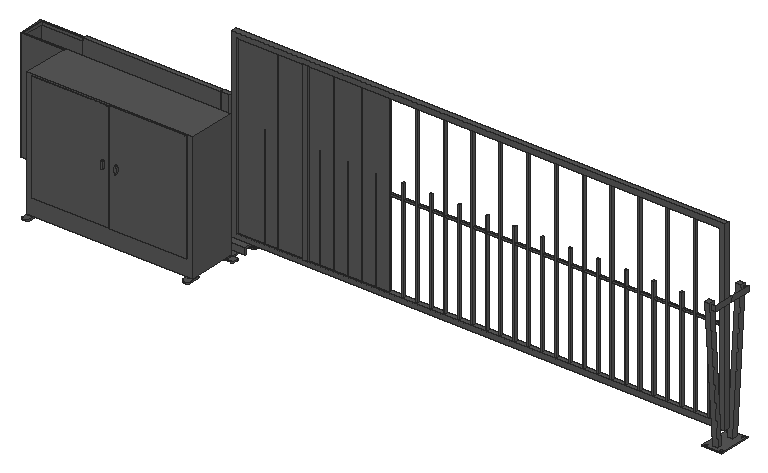
Revit family "11Construction_Fences-&-Traffic-Security_AutoGate_Islander-Pivot-Gates", category Specialty Equipment, Revit 2023 (continued)
Definition of nested family "Yoke"
  Dimensions and locks (in)
    locked: plane 38 to cut or joined group of Extrusion 18, Extrusion 20, Extrusion 21 at 8
    Extrusion 21 sketch curve to Extrusion 21 sketch curve to plane 1 "Center (Front/Back)" to Extrusion 21 sketch curve to Extrusion 21 sketch curve = 0.000" locked, 5.500" locked, 5.500" locked, 0.000" locked
    plane 38 to Extrusion 21 sketch curve to Extrusion 21 sketch curve to Extrusion 21 sketch curve to Extrusion 21 sketch curve = 1.000" locked, 0.000" locked, 6.000" locked, 0.000" locked
    locked: plane 39 to plane 40 at 0.25
    "Void E_F_G": plane 39 to plane 2
    locked: plane 16 to plane 1 "Center (Front/Back)" at 5.25
    "Top Br Offset B_F": plane 1 "Center (Front/Back)" to plane 17
    plane 1 "Center (Front/Back)" to Extrusion 22 sketch curve to Extrusion 22 sketch curve = 4.00044" locked, 2.000" locked
    plane 1 "Center (Front/Back)" to Extrusion 23 sketch curve to Extrusion 23 sketch curve = 4.00044" locked, 2.000" locked
    "Void Bottom G": plane 3 "Center (Left/Right)" to plane 42
    locked: plane 42 to plane 43 at 2
    Extrusion 27 sketch curve to plane 1 "Center (Front/Back)" to Extrusion 27 sketch curve = 5.250" locked, 5.250" locked
    Extrusion 28 sketch curve to plane 1 "Center (Front/Back)" to Extrusion 28 sketch curve = 1.000" locked, 1.000" locked
    Extrusion 29 sketch curve to plane 1 "Center (Front/Back)" to Extrusion 29 sketch curve = 3.99956" locked, 4.00044" locked
    Extrusion 29 sketch curve to Extrusion 29 sketch curve to plane 44 = 0.750" locked, 6.51988" locked
    locked: Extrusion 29 to plane 43 at 0.75
    locked: plane 41 to plane 2 at 0.5
    locked: plane 2 to plane 44 at 36
    Extrusion 32 sketch curve to Extrusion 32 sketch curve to plane 1 "Center (Front/Back)" to Extrusion 32 sketch curve to Extrusion 32 sketch curve = 0.200" locked, 3.050" locked, 3.050" locked, 0.200" locked
    plane 3 "Center (Left/Right)" to Extrusion 32 sketch curve to Extrusion 32 sketch curve = 1.600" locked, 0.000" locked
    locked: plane 3 "Center (Left/Right)" to Extrusion 32 sketch curve at 0.2
    locked: plane 45 to plane 2 at 5
    equal spacing: plane 47, plane 46, plane 45
    "Fence Height": plane 47 to plane 2
    plane 46 to plane 48 to plane 49 = 8.80494" locked, 2.400" locked
    plane 51 to plane 50 to plane 46 = 2.400" locked, 8.80494" locked
    plane 38 to Extrusion 33 sketch curve to Extrusion 33 sketch curve to Extrusion 33 sketch curve = 0.200" locked, 1.400" locked, 0.000" locked
    Extrusion 33 sketch curve to Extrusion 33 sketch curve to plane 1 "Center (Front/Back)" to Extrusion 33 sketch curve to Extrusion 33 sketch curve = 0.200" locked, 3.050" locked, 3.050" locked, 0.200" locked
    plane 52 to plane 46 to plane 53 = 18.000" locked, 18.000" locked
    Sweep 34 sketch curve to plane 46 to Sweep 34 sketch curve = 12.000" locked, 12.000" locked
    plane 1 "Center (Front/Back)" to Sweep 34 sketch curve to Sweep 34 sketch curve to Sweep 34 sketch curve = 3.050" locked, 1.47916" locked, 0.000" locked
    plane 1 "Center (Front/Back)" to Sweep 34 sketch curve to Sweep 34 sketch curve to Sweep 34 sketch curve to Sweep 34 sketch curve = 3.050" locked, 0.100" locked, 0.775" locked, 0.000" locked
    Sweep 35 sketch curve to plane 46 to Sweep 35 sketch curve = 12.000" locked, 12.000" locked
    Sweep 35 sketch curve to Sweep 35 sketch curve to Sweep 35 sketch curve to plane 1 "Center (Front/Back)" = 0.000" locked, 1.47916" locked, 3.050" locked
    Sweep 35 sketch curve to Sweep 35 sketch curve to Sweep 35 sketch curve to Sweep 35 sketch curve to plane 1 "Center (Front/Back)" = 0.000" locked, 0.775" locked, 0.100" locked, 3.050" locked
    plane 3 "Center (Left/Right)" to Sweep 34 sketch curve to Sweep 34 sketch curve to Sweep 34 sketch curve to Sweep 34 sketch curve = 1.600" locked, 0.100" locked, 1.400" locked, 0.100" locked
    plane 3 "Center (Left/Right)" to Sweep 35 sketch curve to Sweep 35 sketch curve to Sweep 35 sketch curve to Sweep 35 sketch curve = 1.600" locked, 0.100" locked, 1.400" locked, 0.100" locked
    Extrusion 36 sketch curve to Extrusion 36 sketch curve to plane 1 "Center (Front/Back)" to Extrusion 36 sketch curve to Extrusion 36 sketch curve = 0.200" locked, 3.050" locked, 3.050" locked, 0.200" locked
    plane 3 "Center (Left/Right)" to Extrusion 36 sketch curve to Extrusion 36 sketch curve to Extrusion 36 sketch curve to Extrusion 36 sketch curve = 0.000" locked, 0.200" locked, 1.400" locked, 0.000" locked
    locked: plane 54 to plane 45 at 7.875
    locked: plane 47 to plane 55 at 7.875
    locked: Extrusion 36 to plane 54 at 1.6
    locked: plane 54 to Extrusion 36 at 1.6
    plane 3 "Center (Left/Right)" to Sweep 37 sketch curve to Sweep 37 sketch curve to Sweep 37 sketch curve to Sweep 37 sketch curve = 1.600" locked, 0.100" locked, 1.400" locked, 0.100" locked
    plane 1 "Center (Front/Back)" to Sweep 37 sketch curve to Sweep 37 sketch curve to Sweep 37 sketch curve to Sweep 37 sketch curve = 3.050" locked, 0.100" locked, 0.775" locked, 0.000" locked
    Sweep 37 sketch curve to Sweep 37 sketch curve to plane 54 to Sweep 37 sketch curve to Sweep 37 sketch curve = 5.100" locked, 2.775" locked, 2.775" locked, 5.100" locked
    plane 1 "Center (Front/Back)" to Sweep 37 sketch curve to Sweep 37 sketch curve to Sweep 37 sketch curve = 3.050" locked, 1.25729" locked, 0.000" locked
    Sweep 38 sketch curve to Sweep 38 sketch curve to Sweep 38 sketch curve to Sweep 38 sketch curve to plane 1 "Center (Front/Back)" = 0.000" locked, 1.25729" locked, 0.000" locked, 3.050" locked
    Sweep 38 sketch curve to Sweep 38 sketch curve to plane 54 to Sweep 38 sketch curve to Sweep 38 sketch curve = 5.100" locked, 2.775" locked, 2.775" locked, 5.100" locked
    plane 3 "Center (Left/Right)" to Sweep 38 sketch curve to Sweep 38 sketch curve to Sweep 38 sketch curve to Sweep 38 sketch curve = 1.600" locked, 0.100" locked, 1.400" locked, 0.100" locked
    Sweep 38 sketch curve to Sweep 38 sketch curve to Sweep 38 sketch curve to Sweep 38 sketch curve to plane 1 "Center (Front/Back)" = 0.000" locked, 0.775" locked, 0.100" locked, 3.050" locked
    plane 3 "Center (Left/Right)" to Extrusion 39 sketch curve to Extrusion 39 sketch curve to Extrusion 39 sketch curve to Extrusion 39 sketch curve = 0.000" locked, 0.200" locked, 1.400" locked, 0.000" locked
    Extrusion 39 sketch curve to Extrusion 39 sketch curve to plane 1 "Center (Front/Back)" to Extrusion 39 sketch curve to Extrusion 39 sketch curve = 0.200" locked, 3.050" locked, 3.050" locked, 0.200" locked
    locked: Extrusion 39 to plane 55 at 1.6
    locked: plane 55 to Extrusion 39 at 1.6
    Sweep 40 sketch curve to Sweep 40 sketch curve to plane 55 to Sweep 40 sketch curve to Sweep 40 sketch curve = 5.100" locked, 2.775" locked, 2.775" locked, 5.100" locked
    plane 1 "Center (Front/Back)" to Sweep 40 sketch curve to Sweep 40 sketch curve to Sweep 40 sketch curve = 3.050" locked, 1.25729" locked, 0.000" locked
    plane 3 "Center (Left/Right)" to Sweep 40 sketch curve to Sweep 40 sketch curve to Sweep 40 sketch curve to Sweep 40 sketch curve = 1.600" locked, 0.100" locked, 1.400" locked, 0.100" locked
    plane 1 "Center (Front/Back)" to Sweep 40 sketch curve to Sweep 40 sketch curve to Sweep 40 sketch curve to Sweep 40 sketch curve = 3.050" locked, 0.100" locked, 0.775" locked, 0.000" locked
    Sweep 41 sketch curve to Sweep 41 sketch curve to plane 55 to Sweep 41 sketch curve to Sweep 41 sketch curve = 5.100" locked, 2.775" locked, 2.775" locked, 5.100" locked
    Sweep 41 sketch curve to Sweep 41 sketch curve to Sweep 41 sketch curve to plane 1 "Center (Front/Back)" = 0.000" locked, 1.25729" locked, 3.050" locked
    plane 3 "Center (Left/Right)" to Sweep 41 sketch curve to Sweep 41 sketch curve to Sweep 41 sketch curve to Sweep 41 sketch curve = 1.600" locked, 0.100" locked, 1.400" locked, 0.100" locked
    Sweep 41 sketch curve to Sweep 41 sketch curve to Sweep 41 sketch curve to Sweep 41 sketch curve to plane 1 "Center (Front/Back)" = 0.000" locked, 0.775" locked, 0.100" locked, 3.050" locked
    plane 12 to Extrusion 4 sketch curve to Extrusion 4 sketch curve = 0.000" locked, 0.250" locked
    locked: plane 11 to Extrusion 4 sketch curve at 0.25
    locked: plane 16 to Extrusion 5 sketch curve at 0.25
    locked: plane 17 to Extrusion 5 sketch curve at 0.25
    Extrusion 30 sketch curve to Extrusion 30 sketch curve to plane 1 "Center (Front/Back)" to Extrusion 30 sketch curve to Extrusion 30 sketch curve = 0.250" locked, 6.99999" locked, 4.750" locked, 0.250" locked
    plane 3 "Center (Left/Right)" to Extrusion 30 sketch curve to Extrusion 30 sketch curve to Extrusion 30 sketch curve to Extrusion 30 sketch curve = 0.000" locked, 1.750" locked, 0.250" locked, 4.000" locked
    Extrusion 31 sketch curve to Extrusion 31 sketch curve to plane 1 "Center (Front/Back)" to Extrusion 31 sketch curve to Extrusion 31 sketch curve = 0.250" locked, 5.000" locked, 4.750" locked, 0.250" locked
    plane 3 "Center (Left/Right)" to Extrusion 31 sketch curve to Extrusion 31 sketch curve to Extrusion 31 sketch curve = 1.750" locked, 0.250" locked, 4.000" locked
    plane 17 to Extrusion 9 sketch curve to Extrusion 9 sketch curve to Extrusion 9 sketch curve = 0.250" locked, 11.99946" locked, 0.250" locked
    locked: plane 17 to Extrusion 10 sketch curve at 0.25
    locked: plane 16 to Extrusion 10 sketch curve at 0.25
    Extrusion 15 sketch curve to Extrusion 15 sketch curve to plane 32 = 0.250" locked, 1.750" locked
    Extrusion 15 sketch curve to Extrusion 15 sketch curve to plane 1 "Center (Front/Back)" to Extrusion 15 sketch curve to Extrusion 15 sketch curve = 0.250" locked, 8.000" locked, 8.000" locked, 0.250" locked
    Extrusion 16 sketch curve to Extrusion 16 sketch curve to plane 1 "Center (Front/Back)" to Extrusion 16 sketch curve to Extrusion 16 sketch curve = 0.250" locked, 5.000" locked, 5.000" locked, 0.250" locked
    Extrusion 16 sketch curve to Extrusion 16 sketch curve to plane 32 = 0.250" locked, 1.750" locked
    Extrusion 24 sketch curve to Extrusion 24 sketch curve to plane 1 "Center (Front/Back)" to Extrusion 24 sketch curve to Extrusion 24 sketch curve = 0.250" locked, 7.000" locked, 9.000" locked, 0.250" locked
    Extrusion 24 sketch curve to plane 3 "Center (Left/Right)" to Extrusion 24 sketch curve to Extrusion 24 sketch curve = 2.250" locked, 1.750" locked, 0.250" locked
    Extrusion 25 sketch curve to Extrusion 25 sketch curve to plane 1 "Center (Front/Back)" to Extrusion 25 sketch curve to Extrusion 25 sketch curve = 0.250" locked, 5.000" locked, 9.000" locked, 0.250" locked
    Extrusion 25 sketch curve to plane 3 "Center (Left/Right)" to Extrusion 25 sketch curve to Extrusion 25 sketch curve = 2.250" locked, 1.750" locked, 0.250" locked
    locked: plane 12 to Masking region 1 sketch curve at 0.25
    locked: plane 11 to Masking region 1 sketch curve at 0.25
    locked: plane 16 to Masking region 2 sketch curve at 0.25
    locked: plane 17 to Masking region 2 sketch curve at 0.25
    locked: Masking region 4 sketch curve to plane 3 "Center (Left/Right)" at 2
    plane 1 "Center (Front/Back)" to Masking region 4 sketch curve to Masking region 4 sketch curve = 3.28646" locked, 3.45162" locked
    plane 1 "Center (Front/Back)" to Masking region 3 sketch curve to Masking region 3 sketch curve = 6.73808" locked, 1.99513" locked
    locked: Masking region 5 sketch curve to plane 3 "Center (Left/Right)" at 2
    Masking region 5 sketch curve to Masking region 5 sketch curve to plane 1 "Center (Front/Back)" = 1.99513" locked, 6.73808" locked
    locked: Masking region 6 sketch curve to plane 3 "Center (Left/Right)" at 2
    Masking region 6 sketch curve to Masking region 6 sketch curve to plane 1 "Center (Front/Back)" = 3.45206" locked, 3.28603" locked
    Masking region 7 sketch curve to Masking region 7 sketch curve to plane 18 to Masking region 7 sketch curve to Masking region 7 sketch curve = 0.09375" locked, 0.27363" locked, 0.27363" locked, 0.09375" locked  (x2)
    Masking region 7 sketch curve to plane 18 to Masking region 7 sketch curve = 0.10037" locked, 0.10037" locked
    plane 17 to Masking region 8 sketch curve to Masking region 8 sketch curve to Masking region 8 sketch curve = 0.250" locked, 11.99946" locked, 0.250" locked
    locked: plane 16 to Masking region 9 sketch curve at 0.25
    locked: Masking region 10 sketch curve to plane 28 at 0.13514
    locked: plane 28 to Masking region 10 sketch curve at 0.13406
    Masking region 10 sketch curve to Masking region 10 sketch curve to plane 28 to Masking region 10 sketch curve to Masking region 10 sketch curve = 0.125" locked, 0.36537" locked, 0.36537" locked, 0.125" locked
    Masking region 10 sketch curve to Masking region 10 sketch curve to plane 28 to Masking region 10 sketch curve to Masking region 10 sketch curve = 0.125" locked, 0.36537" locked, 0.36537", 0.125"
    Masking region 11 sketch curve to plane 1 "Center (Front/Back)" to Masking region 11 sketch curve = 1.000" locked, 1.000" locked
    Masking region 12 sketch curve to Masking region 12 sketch curve to plane 1 "Center (Front/Back)" to Masking region 12 sketch curve to Masking region 12 sketch curve = 0.250" locked, 6.99999" locked, 4.750" locked, 0.250" locked
    plane 3 "Center (Left/Right)" to Masking region 12 sketch curve to Masking region 12 sketch curve to Masking region 12 sketch curve to Masking region 12 sketch curve = 0.000" locked, 1.750" locked, 0.250" locked, 4.000" locked
    Masking region 13 sketch curve to Masking region 13 sketch curve to plane 1 "Center (Front/Back)" = 0.250" locked, 5.000" locked
    locked: plane 3 "Center (Left/Right)" to Masking region 13 sketch curve at 1.75
    Masking region 14 sketch curve to Masking region 14 sketch curve to plane 32 = 0.250" locked, 1.750" locked
    Masking region 14 sketch curve to Masking region 14 sketch curve to plane 1 "Center (Front/Back)" to Masking region 14 sketch curve to Masking region 14 sketch curve = 0.250" locked, 8.000" locked, 8.000" locked, 0.250" locked
    Masking region 15 sketch curve to Masking region 15 sketch curve to plane 1 "Center (Front/Back)" to Masking region 15 sketch curve to Masking region 15 sketch curve = 1.99513" locked, 6.73765" locked, 6.73765" locked, 1.99513" locked
    Masking region 16 sketch curve to Masking region 16 sketch curve to plane 1 "Center (Front/Back)" to Masking region 16 sketch curve to Masking region 16 sketch curve = 3.45162" locked, 3.28603" locked, 3.28603" locked, 3.45162" locked
    Masking region 16 sketch curve to Masking region 16 sketch curve to Masking region 16 sketch curve to plane 1 "Center (Front/Back)" to Masking region 16 sketch curve to Masking region 16 sketch curve to Masking region 16 sketch curve = 0.375" locked, 0.000" locked, 1.62246" locked, 1.62246" locked, 0.000" locked, 0.375" locked
    Masking region 16 sketch curve to Masking region 16 sketch curve to Masking region 16 sketch curve to Masking region 16 sketch curve to Masking region 16 sketch curve to Masking region 16 sketch curve to plane 33 = 0.375" locked, 0.000" locked, 1.250" locked, 0.000" locked, 0.375" locked, 4.000" locked
    Masking region 15 sketch curve to Masking region 15 sketch curve to plane 1 "Center (Front/Back)" to Masking region 15 sketch curve to Masking region 15 sketch curve = 2.250" locked, 2.000" locked, 2.000" locked, 2.250" locked
    Masking region 15 sketch curve to Masking region 15 sketch curve to Masking region 15 sketch curve to Masking region 15 sketch curve to plane 33 = 0.000" locked, 0.250" locked, 0.000" locked, 4.875" locked
    Masking region 17 sketch curve to Masking region 17 sketch curve to plane 1 "Center (Front/Back)" to Masking region 17 sketch curve to Masking region 17 sketch curve = 0.250" locked, 7.000" locked, 9.000" locked, 0.250" locked
    Masking region 17 sketch curve to plane 3 "Center (Left/Right)" to Masking region 17 sketch curve to Masking region 17 sketch curve = 2.250" locked, 1.750" locked, 0.250" locked
    Masking region 18 sketch curve to Masking region 18 sketch curve to plane 1 "Center (Front/Back)" = 0.250" locked, 5.000" locked
    locked: plane 3 "Center (Left/Right)" to Masking region 18 sketch curve at 1.75
    plane 3 "Center (Left/Right)" to Masking region 18 sketch curve to Masking region 18 sketch curve = 1.500" locked, 0.250" locked
    plane 1 "Center (Front/Back)" to Masking region 18 sketch curve to Masking region 18 sketch curve = 4.00044" locked, 2.000" locked
    plane 3 "Center (Left/Right)" to Masking region 19 sketch curve to Masking region 19 sketch curve to Masking region 19 sketch curve to Masking region 19 sketch curve = 0.000" locked, 0.200" locked, 1.400" locked, 0.000" locked
    Masking region 19 sketch curve to Masking region 19 sketch curve to plane 1 "Center (Front/Back)" to Masking region 19 sketch curve to Masking region 19 sketch curve = 0.200" locked, 3.050" locked, 3.050" locked, 0.200" locked
    Masking region 19 sketch curve to Masking region 19 sketch curve to Masking region 19 sketch curve to Masking region 19 sketch curve to plane 1 "Center (Front/Back)" to Masking region 19 sketch curve to Masking region 19 sketch curve to Masking region 19 sketch curve to Masking region 19 sketch curve = 0.000" locked, 0.75247" locked, 0.09709" locked, 4.52916" locked, 4.52916" locked, 0.09709" locked, 0.75247" locked, 0.000" locked
    plane 3 "Center (Left/Right)" to Masking region 19 sketch curve to Masking region 19 sketch curve to Masking region 19 sketch curve to Masking region 19 sketch curve to Masking region 19 sketch curve to Masking region 19 sketch curve to Masking region 19 sketch curve to Masking region 19 sketch curve = 1.600" locked, 0.000" locked, 0.100" locked, 0.000" locked, 1.400" locked, 0.000" locked, 0.100" locked, 0.000" locked
    Masking region 20 sketch curve to Masking region 20 sketch curve to plane 1 "Center (Front/Back)" to Masking region 20 sketch curve to Masking region 20 sketch curve = 1.47916" locked, 3.050" locked, 3.050" locked, 1.47916" locked
    plane 3 "Center (Left/Right)" to Masking region 20 sketch curve to Masking region 20 sketch curve to Masking region 20 sketch curve to Masking region 20 sketch curve = 1.600" locked, 0.000" locked, 1.600" locked, 0.000" locked
    Masking region 21 sketch curve to Masking region 21 sketch curve to plane 1 "Center (Front/Back)" to Masking region 21 sketch curve to Masking region 21 sketch curve = 2.28602" locked, 1.00044" locked, 1.00044" locked, 2.28602" locked
    Masking region 21 sketch curve to Masking region 21 sketch curve to plane 3 "Center (Left/Right)" to Masking region 21 sketch curve to Masking region 21 sketch curve = 0.000" locked, 2.000" locked, 0.000" locked, 0.000" locked
    Masking region 22 sketch curve to Masking region 22 sketch curve to plane 1 "Center (Front/Back)" to Masking region 22 sketch curve to Masking region 22 sketch curve = 3.000" locked, 1.00044" locked, 1.00044" locked, 3.000" locked
    Masking region 22 sketch curve to Masking region 22 sketch curve to Masking region 22 sketch curve to Masking region 22 sketch curve to plane 3 "Center (Left/Right)" = 0.000" locked, 0.750" locked, 0.000" locked, 2.000" locked
    Masking region 24 sketch curve to plane 3 "Center (Left/Right)" to Masking region 24 sketch curve = 2.000" locked, 0.000" locked
    plane 1 "Center (Front/Back)" to Masking region 24 sketch curve to Masking region 24 sketch curve = 4.00044" locked, 2.000" locked
    Masking region 23 sketch curve to Masking region 23 sketch curve to Masking region 23 sketch curve to Masking region 23 sketch curve to Masking region 23 sketch curve to plane 3 "Center (Left/Right)" to Masking region 23 sketch curve to Masking region 23 sketch curve to Masking region 23 sketch curve to Masking region 23 sketch curve to Masking region 23 sketch curve to Masking region 23 sketch curve = 1.000" locked, 0.000" locked, 2.000" locked, 0.000" locked, 2.000" locked, 0.000" locked, 0.000" locked, 0.000" locked, 1.750" locked, 0.250" locked, 1.000" locked
    Masking region 23 sketch curve to Masking region 23 sketch curve to Masking region 23 sketch curve to Masking region 23 sketch curve to Masking region 23 sketch curve to plane 1 "Center (Front/Back)" to Masking region 23 sketch curve to Masking region 23 sketch curve to Masking region 23 sketch curve to Masking region 23 sketch curve to Masking region 23 sketch curve to Masking region 23 sketch curve = 0.000" locked, 0.000" locked, 1.000" locked, 2.21397" locked, 3.28603" locked, 4.00044" locked, 0.88056" locked, 0.250" locked, 0.369" locked, 0.50044" locked, 0.49956" locked
    Masking region 23 sketch curve to Masking region 23 sketch curve to Masking region 23 sketch curve to Masking region 23 sketch curve to Masking region 23 sketch curve to plane 1 "Center (Front/Back)" = 0.0861" locked, 0.3199" locked, 0.3199" locked, 0.0861" locked, 5.094" locked
    locked: plane 3 "Center (Left/Right)" to Masking region 23 sketch curve at 2
    plane 3 "Center (Left/Right)" to Masking region 23 sketch curve to Masking region 23 sketch curve = 1.83066" locked, 0.16934" locked
    locked: plane 1 "Center (Front/Back)" to Masking region 23 sketch curve at 5.5
    Masking region 23 sketch curve to plane 1 "Center (Front/Back)" to Masking region 23 sketch curve = 1.000" locked, 1.000" locked
    locked: plane 3 "Center (Left/Right)" to Masking region 23 sketch curve
    locked: Masking region 23 sketch curve to plane 3 "Center (Left/Right)" at 5
    plane 1 "Center (Front/Back)" to Masking region 25 sketch curve to Masking region 25 sketch curve to Masking region 25 sketch curve to Masking region 25 sketch curve to Masking region 25 sketch curve to Masking region 25 sketch curve to Masking region 25 sketch curve to Masking region 25 sketch curve to Masking region 25 sketch curve to Masking region 25 sketch curve = 3.28646" locked, 1.71354" locked, 0.094" locked, 0.156" locked, 0.250" locked, 0.3199" locked, 0.0861" locked, 0.594" locked, 0.000" locked, 0.000" locked
    Masking region 25 sketch curve to Masking region 25 sketch curve to Masking region 25 sketch curve to Masking region 25 sketch curve to Masking region 25 sketch curve to Masking region 25 sketch curve to Masking region 25 sketch curve to Masking region 25 sketch curve to Masking region 25 sketch curve to plane 1 "Center (Front/Back)" = 0.000" locked, 0.000" locked, 0.594" locked, 0.406" locked, 0.250" locked, 0.156" locked, 0.094" locked, 1.71397" locked, 3.28603" locked
    Masking region 25 sketch curve to Masking region 25 sketch curve to Masking region 25 sketch curve to Masking region 25 sketch curve to Masking region 25 sketch curve to plane 3 "Center (Left/Right)" to Masking region 25 sketch curve to Masking region 25 sketch curve to Masking region 25 sketch curve to Masking region 25 sketch curve to Masking region 25 sketch curve to Masking region 25 sketch curve to Masking region 25 sketch curve to Masking region 25 sketch curve to Masking region 25 sketch curve to Masking region 25 sketch curve to Masking region 25 sketch curve to Masking region 25 sketch curve to Masking region 25 sketch curve to Masking region 25 sketch curve = 1.000" locked, 0.000" locked, 2.000" locked, 0.000" locked, 2.000" locked, 0.000" locked, 0.000" locked, 0.000" locked, 1.6801" locked, 0.000" locked, 0.0699" locked, 0.000" locked, 0.000" locked, 0.250" locked, 0.000" locked, 0.000" locked, 0.000" locked, 0.000" locked, 1.000" locked
    plane 1 "Center (Front/Back)" to Masking region 26 sketch curve to Masking region 26 sketch curve to Masking region 26 sketch curve to Masking region 26 sketch curve to Masking region 26 sketch curve to Masking region 26 sketch curve to Masking region 26 sketch curve to Masking region 26 sketch curve to Masking region 26 sketch curve to Masking region 26 sketch curve to Masking region 26 sketch curve to Masking region 26 sketch curve to Masking region 26 sketch curve to Masking region 26 sketch curve to Masking region 26 sketch curve to Masking region 26 sketch curve to Masking region 26 sketch curve to Masking region 26 sketch curve to Masking region 26 sketch curve = 0.000" locked, 0.000" locked, 1.62246" locked, 0.000" locked, 0.000" locked, 0.000" locked, 0.375" locked, 0.000" locked, 1.289" locked, 0.000" locked, 0.96354" locked, 0.750" locked, 0.000" locked, 0.250" locked, 0.000" locked, 0.250" locked, 1.000" locked, 0.000" locked, 0.000" locked
    Masking region 26 sketch curve to Masking region 26 sketch curve to Masking region 26 sketch curve to Masking region 26 sketch curve to Masking region 26 sketch curve to Masking region 26 sketch curve to Masking region 26 sketch curve to Masking region 26 sketch curve to Masking region 26 sketch curve to Masking region 26 sketch curve to Masking region 26 sketch curve to Masking region 26 sketch curve to Masking region 26 sketch curve to Masking region 26 sketch curve to Masking region 26 sketch curve to Masking region 26 sketch curve to Masking region 26 sketch curve to plane 1 "Center (Front/Back)" = 0.000" locked, 0.000" locked, 1.000" locked, 0.250" locked, 0.000" locked, 0.250" locked, 0.000" locked, 0.750" locked, 0.96397" locked, 0.000" locked, 1.28857" locked, 0.000" locked, 0.375" locked, 0.000" locked, 0.000" locked, 0.000" locked, 1.62246" locked
    Masking region 26 sketch curve to plane 3 "Center (Left/Right)" to Masking region 26 sketch curve to Masking region 26 sketch curve to Masking region 26 sketch curve to Masking region 26 sketch curve to Masking region 26 sketch curve to Masking region 26 sketch curve to Masking region 26 sketch curve to Masking region 26 sketch curve to Masking region 26 sketch curve to Masking region 26 sketch curve to Masking region 26 sketch curve to Masking region 26 sketch curve to Masking region 26 sketch curve to Masking region 26 sketch curve to Masking region 26 sketch curve to Masking region 26 sketch curve to Masking region 26 sketch curve to Masking region 26 sketch curve to Masking region 26 sketch curve to Masking region 26 sketch curve to Masking region 26 sketch curve to Masking region 26 sketch curve to Masking region 26 sketch curve to Masking region 26 sketch curve to Masking region 26 sketch curve to Masking region 26 sketch curve to Masking region 26 sketch curve to Masking region 26 sketch curve to Masking region 26 sketch curve to Masking region 26 sketch curve to Masking region 26 sketch curve to Masking region 26 sketch curve = 1.000" locked, 0.000" locked, 0.000" locked, 0.000" locked, 0.000" locked, 0.000" locked, 1.750" locked, 0.000" locked, 0.000" locked, 0.250" locked, 0.000" locked, 0.375" locked, 0.000" locked, 0.000" locked, 0.000" locked, 0.500" locked, 0.000" locked, 0.125" locked, 0.000" locked, 0.125" locked, 0.000" locked, 0.500" locked, 0.000" locked, 0.000" locked, 0.000" locked, 0.375" locked, 0.000" locked, 2.000" locked, 0.000" locked, 0.000" locked, 0.000" locked, 0.000" locked, 1.000" locked
    locked: plane 3 "Center (Left/Right)" to Masking region 26 sketch curve at 4.25  (x3)
    plane 3 "Center (Left/Right)" to Masking region 27 sketch curve to Masking region 27 sketch curve to Masking region 27 sketch curve to Masking region 27 sketch curve = 4.250" locked, 0.000" locked, 1.750" locked, 0.000" locked
    Masking region 27 sketch curve to Masking region 27 sketch curve to plane 1 "Center (Front/Back)" to Masking region 27 sketch curve to Masking region 27 sketch curve = 0.250" locked, 5.000" locked, 5.000" locked, 0.250" locked
    Masking region 26 sketch curve to plane 1 "Center (Front/Back)" to Masking region 26 sketch curve = 1.000" locked, 1.000" locked
    locked: Masking region 26 sketch curve to plane 3 "Center (Left/Right)" at 1
    Masking region 25 sketch curve to plane 1 "Center (Front/Back)" to Masking region 25 sketch curve = 1.000" locked, 1.000" locked
    Masking region 25 sketch curve to plane 3 "Center (Left/Right)" to Masking region 25 sketch curve = 5.000" locked, 0.000" locked
    "Halfback Dia": diameter of Extrusion 6 sketch curve  (x2)
    "Halfback Out Dia": diameter of Extrusion 6 sketch curve  (x2)
    "Halfback Dia": diameter of Extrusion 7 sketch curve  (x2)
    "Halfback Out Dia": diameter of Extrusion 7 sketch curve  (x2)
    "Halfback Dia": diameter of Extrusion 11 sketch curve  (x2)
    "Halfback Out Dia": diameter of Extrusion 11 sketch curve  (x2)
    "Halfback Dia": diameter of Extrusion 12 sketch curve  (x2)
    "Halfback Out Dia": diameter of Extrusion 12 sketch curve  (x2)
    "Halfback Dia": diameter of Masking region 7 sketch curve  (x2)
    "Halfback Out Dia": diameter of Masking region 7 sketch curve  (x2)
    "Halfback Dia": diameter of Masking region 10 sketch curve  (x2)
    "Halfback Out Dia": diameter of Masking region 10 sketch curve  (x2)
    locked: plane 1 "Center (Front/Back)" to Extrusion 1 sketch curve (angle 4.00°)  (x2)
    aligned and locked: plane 2 to level
    aligned and locked: plane 4 to Extrusion 1 sketch curve
    aligned and locked: Extrusion 1 to plane 5
    aligned and locked: plane 3 "Center (Left/Right)" to Extrusion 1
    aligned and locked: plane 3 "Center (Left/Right)" to Extrusion 2
    aligned and locked: Extrusion 2 to plane 5
    aligned and locked: plane 4 to Extrusion 2 sketch curve
    aligned and locked: Extrusion 3 sketch curve to plane 2
    aligned and locked: Extrusion 3 to plane 7
    aligned and locked: Extrusion 3 to plane 8
    aligned and locked: Extrusion 4 sketch curve to plane 3 "Center (Left/Right)"
    aligned and locked: plane 3 "Center (Left/Right)" to Extrusion 4 sketch curve
    aligned and locked: plane 13 to Extrusion 4 sketch curve
    aligned and locked: plane 11 to Extrusion 4 sketch curve
    aligned and locked: plane 9 to Extrusion 4
    aligned and locked: Extrusion 4 to plane 10
    aligned and locked: Extrusion 5 to plane 14
    aligned and locked: plane 15 to Extrusion 5
    aligned and locked: plane 3 "Center (Left/Right)" to Extrusion 5 sketch curve
    aligned and locked: Extrusion 5 sketch curve to plane 3 "Center (Left/Right)"
    aligned and locked: plane 17 to Extrusion 5 sketch curve
    aligned and locked: plane 16 to Extrusion 5 sketch curve
    aligned and locked: plane 13 to Extrusion 5 sketch curve
    aligned and locked: plane 6 to Extrusion 2 sketch curve
    aligned and locked: Extrusion 6 sketch curve to plane 19  (x2)
    aligned and locked: Extrusion 6 sketch curve to plane 20  (x2)
    aligned and locked: plane 1 "Center (Front/Back)" to Extrusion 6 sketch curve  (x2)
    aligned and locked: plane 21 to Extrusion 6
    aligned and locked: Extrusion 6 to plane 22
    aligned and locked: Extrusion 7 to plane 24
    aligned and locked: plane 23 to Extrusion 7
    aligned and locked: Extrusion 7 sketch curve to plane 19  (x2)
    aligned and locked: Extrusion 7 sketch curve to plane 20  (x2)
    aligned and locked: plane 25 to Extrusion 1 sketch curve
    aligned and locked: plane 13 to Extrusion 9 sketch curve
    aligned and locked: plane 3 "Center (Left/Right)" to Extrusion 9 sketch curve
    aligned and locked: Extrusion 9 sketch curve to plane 3 "Center (Left/Right)"
    aligned and locked: Extrusion 9 sketch curve to plane 27
    aligned and locked: plane 9 to Extrusion 9
    aligned and locked: Extrusion 9 to plane 10
    aligned and locked: Extrusion 10 to plane 14
    aligned and locked: plane 15 to Extrusion 10
    aligned and locked: plane 13 to Extrusion 10 sketch curve
    aligned and locked: Extrusion 10 sketch curve to plane 27
    aligned and locked: Extrusion 10 sketch curve to plane 3 "Center (Left/Right)"
    aligned and locked: plane 3 "Center (Left/Right)" to Extrusion 10 sketch curve
    aligned and locked: plane 17 to Extrusion 10 sketch curve
    aligned and locked: plane 16 to Extrusion 10 sketch curve
    aligned and locked: plane 17 to Extrusion 9 sketch curve
    aligned and locked: plane 30 to Extrusion 11 sketch curve
    aligned and locked: plane 29 to Extrusion 11 sketch curve
    aligned and locked: plane 21 to Extrusion 11
    aligned and locked: Extrusion 11 to plane 22
    aligned and locked: plane 29 to Extrusion 12 sketch curve
    aligned and locked: Extrusion 12 sketch curve to plane 29
    aligned and locked: Extrusion 12 sketch curve to plane 30
    aligned and locked: plane 30 to Extrusion 12 sketch curve
    aligned and locked: plane 23 to Extrusion 12
    aligned and locked: Extrusion 12 to plane 24
    aligned and locked: plane 31 to Extrusion 13
    aligned and locked: Extrusion 13 to plane 3 "Center (Left/Right)"
    aligned and locked: Extrusion 8 to plane 14
    aligned and locked: plane 4 to Extrusion 14 sketch curve  (x2)
    aligned and locked: Extrusion 14 to plane 32
    aligned and locked: plane 33 to Extrusion 14
    aligned and locked: Extrusion 15 sketch curve to plane 32
    aligned and locked: plane 32 to Extrusion 15 sketch curve
    aligned and locked: Extrusion 16 sketch curve to plane 32
    aligned and locked: plane 32 to Extrusion 16 sketch curve
    aligned and locked: Extrusion 15 to plane 10
    aligned and locked: plane 9 to Extrusion 15
    aligned and locked: plane 15 to Extrusion 16
    aligned and locked: Extrusion 16 to plane 14
    aligned and locked: plane 4 to Extrusion 17
    aligned and locked: Extrusion 17 to plane 6
    aligned and locked: Extrusion 18 to plane 2
    aligned and locked: plane 6 to Extrusion 18
    aligned and locked: plane 6 to Extrusion 19 sketch curve  (x2)
    aligned and locked: plane 35 to Extrusion 19
    aligned and locked: Extrusion 19 to plane 34
    aligned and locked: plane 1 "Center (Front/Back)" to Extrusion 20 sketch curve  (x2)
    aligned and locked: Extrusion 20 to plane 37
    aligned and locked: plane 36 to Extrusion 20
    aligned and locked: plane 38 to Extrusion 18 sketch curve
    aligned and locked: Extrusion 21 to plane 40
    aligned and locked: plane 39 to Extrusion 21
    aligned and locked: plane 6 to Extrusion 22 sketch curve
    aligned and locked: Extrusion 22 sketch curve to plane 4
    aligned and locked: Extrusion 22 to plane 5
    aligned and locked: plane 3 "Center (Left/Right)" to Extrusion 22
    aligned and locked: Extrusion 23 sketch curve to plane 9
    aligned and locked: plane 14 to Extrusion 23 sketch curve
    aligned and locked: plane 27 to Extrusion 23
    aligned and locked: Extrusion 23 to plane 26
    aligned and locked: plane 26 to Extrusion 23
    aligned and locked: Extrusion 24 sketch curve to plane 3 "Center (Left/Right)"
    aligned and locked: plane 9 to Extrusion 24
    aligned and locked: Extrusion 24 to plane 10
    aligned and locked: Extrusion 25 sketch curve to plane 3 "Center (Left/Right)"
    aligned and locked: plane 15 to Extrusion 25
    aligned and locked: Extrusion 25 to plane 14
    aligned and locked: plane 41 to Extrusion 26 sketch curve
    aligned and locked: Extrusion 26 sketch curve to plane 2
    aligned and locked: Extrusion 26 to plane 43
    aligned and locked: plane 42 to Extrusion 26
    aligned and locked: Extrusion 27 sketch curve to plane 41
    aligned and locked: plane 42 to Extrusion 27
    aligned and locked: Extrusion 27 to plane 43
    aligned and locked: Extrusion 28 sketch curve to plane 3 "Center (Left/Right)"
    aligned and locked: plane 43 to Extrusion 28 sketch curve
    aligned and locked: Extrusion 28 to plane 44
    aligned and locked: plane 43 to Extrusion 29
    aligned and locked: plane 9 to Extrusion 30
    aligned and locked: Extrusion 30 to plane 10
    aligned and locked: Extrusion 31 sketch curve to plane 3 "Center (Left/Right)"
    aligned and locked: plane 15 to Extrusion 31
    aligned and locked: Extrusion 31 to plane 14
    aligned and locked: plane 2 to Extrusion 28
    aligned and locked: Extrusion 27 to plane 2
    aligned and locked: Extrusion 32 sketch curve to plane 3 "Center (Left/Right)"
    aligned and locked: plane 48 to Extrusion 32
    aligned and locked: Extrusion 32 to plane 49
    aligned and locked: Extrusion 33 sketch curve to plane 38
    aligned and locked: Extrusion 33 to plane 51
    aligned and locked: plane 50 to Extrusion 33
    aligned and locked: plane 52 to Sweep 34 sketch curve
    aligned and locked: plane 53 to Sweep 34 sketch curve
    aligned and locked: plane 52 to Sweep 35 sketch curve
    aligned and locked: plane 53 to Sweep 35 sketch curve
    aligned and locked: Masking region 1 sketch curve to plane 3 "Center (Left/Right)"  (x2)
    aligned and locked: plane 13 to Masking region 1 sketch curve
    aligned and locked: Masking region 1 sketch curve to plane 27
    aligned and locked: plane 12 to Masking region 1 sketch curve
    aligned and locked: plane 11 to Masking region 1 sketch curve
    aligned and locked: plane 27 to Masking region 2 sketch curve  (x2)
    aligned and locked: plane 17 to Masking region 2 sketch curve
    aligned and locked: plane 16 to Masking region 2 sketch curve
    aligned and locked: Masking region 4 sketch curve to plane 3 "Center (Left/Right)"
    aligned and locked: Masking region 5 sketch curve to plane 3 "Center (Left/Right)"
    aligned and locked: plane 3 "Center (Left/Right)" to Masking region 6 sketch curve
    aligned and locked: plane 17 to Masking region 8 sketch curve
    aligned and locked: plane 13 to Masking region 8 sketch curve
    aligned and locked: Masking region 8 sketch curve to plane 27
    aligned and locked: plane 3 "Center (Left/Right)" to Masking region 8 sketch curve
    aligned and locked: Masking region 8 sketch curve to plane 3 "Center (Left/Right)"
    aligned and locked: plane 16 to Masking region 9 sketch curve
    aligned and locked: plane 3 "Center (Left/Right)" to Masking region 9 sketch curve
    aligned and locked: Masking region 9 sketch curve to plane 27
    aligned and locked: Masking region 11 sketch curve to plane 27
    aligned and locked: plane 26 to Masking region 11 sketch curve
    aligned and locked: Masking region 13 sketch curve to plane 3 "Center (Left/Right)"
    aligned and locked: plane 3 "Center (Left/Right)" to Masking region 3 sketch curve
    aligned and locked: Masking region 2 sketch curve to plane 3 "Center (Left/Right)"
    aligned and locked: plane 3 "Center (Left/Right)" to Masking region 2 sketch curve
    aligned and locked: Masking region 14 sketch curve to plane 32
    aligned and locked: plane 32 to Masking region 14 sketch curve
    aligned and locked: Masking region 15 sketch curve to plane 33
    aligned and locked: plane 33 to Masking region 15 sketch curve
    aligned and locked: Masking region 15 sketch curve to plane 32
    aligned and locked: plane 32 to Masking region 15 sketch curve
    aligned and locked: Masking region 16 sketch curve to plane 33
    aligned and locked: plane 32 to Masking region 16 sketch curve
    aligned and locked: Masking region 16 sketch curve to plane 32
    aligned and locked: plane 33 to Masking region 16 sketch curve
    aligned and locked: Masking region 3 sketch curve to plane 5
    aligned and locked: Masking region 17 sketch curve to plane 3 "Center (Left/Right)"
    aligned and locked: Masking region 18 sketch curve to plane 3 "Center (Left/Right)"
  Automatic sketch dimensions
    plane 1 "Center (Front/Back)" to Extrusion 4 sketch curve = 0.000"  (x2)
    plane 1 "Center (Front/Back)" to Extrusion 5 sketch curve = 0.000"  (x2)
    plane 1 "Center (Front/Back)" to Extrusion 15 sketch curve = 0.000"  (x2)
    plane 1 "Center (Front/Back)" to Extrusion 16 sketch curve = 0.000"  (x2)
    Extrusion 26 sketch curve to plane 16 = 0.000"
    Extrusion 26 sketch curve to plane 17 = 0.000"
    Extrusion 1 sketch curve to plane 6 = 0.000"
    Extrusion 8 sketch curve to plane 14 = 0.000"
    Extrusion 8 sketch curve to plane 9 = 0.000"
    Extrusion 18 sketch curve to plane 33 = 1.000"
    Extrusion 27 sketch curve to level = 0.000"
    Extrusion 4 sketch curve to plane 27 = 0.000"
    Extrusion 5 sketch curve to plane 27 = 0.000"
    plane 1 "Center (Front/Back)" to Masking region 1 sketch curve = 0.000"  (x2)
    plane 1 "Center (Front/Back)" to Masking region 14 sketch curve = 0.000"  (x2)
    Masking region 26 sketch curve to Masking region 26 sketch curve = 0.000"  (x4)
    plane 1 "Center (Front/Back)" to Masking region 26 sketch curve = 0.3125"
    Masking region 25 sketch curve to Masking region 25 sketch curve = 0.000"  (x2)
    Masking region 25 sketch curve to plane 3 "Center (Left/Right)" = 0.000"
    Extrusion 6 sketch curve to Extrusion 6 sketch curve = 0.000"  (x4)
    Extrusion 7 sketch curve to Extrusion 7 sketch curve = 0.000"  (x4)
    plane 20 to Extrusion 7 sketch curve = 0.000"
    plane 1 "Center (Front/Back)" to Extrusion 7 sketch curve = 0.000"  (x2)
    Extrusion 11 sketch curve to Extrusion 11 sketch curve = 0.000"  (x4)
    Extrusion 11 sketch curve to plane 30 = 0.000"
    Extrusion 11 sketch curve to plane 3 "Center (Left/Right)" = 0.000"  (x2)
    Extrusion 11 sketch curve to plane 29 = 0.000"
    Extrusion 12 sketch curve to Extrusion 12 sketch curve = 0.000"  (x4)
    Extrusion 12 sketch curve to plane 3 "Center (Left/Right)" = 0.000"  (x2)
    Masking region 7 sketch curve to Masking region 7 sketch curve = 0.000"  (x4)
    plane 20 to Masking region 7 sketch curve = 0.000"  (x2)
    plane 1 "Center (Front/Back)" to Masking region 7 sketch curve = 0.000"  (x2)
    Masking region 7 sketch curve to plane 19 = 0.000"  (x2)
    Masking region 10 sketch curve to Masking region 10 sketch curve = 0.000"  (x4)
    Masking region 10 sketch curve to plane 30 = 0.000"  (x2)
    Masking region 10 sketch curve to plane 3 "Center (Left/Right)" = 0.000"  (x2)
    Masking region 10 sketch curve to plane 29 = 0.000"  (x2)
    radius of Extrusion 13 sketch curve = 0.1405"  (x4)
    radius of Extrusion 20 sketch curve = 0.3125"  (x4)
    radius of Extrusion 21 sketch curve = 0.406"  (x4)
    radius of Masking region 23 sketch curve = 0.406"  (x2)
    radius of Masking region 26 sketch curve = 0.3125"  (x3)
    radius of Masking region 25 sketch curve = 0.406"  (x2)
Definition of nested family "Gate Operator"
  Parameters (values of type "Gate Operator")
    z_Std Gate Guard = if(or(Gate Height = 72.000", Gate Height < 72.000"), 1 = 1, 1 = 0)  # no
    z_NonStd Gate Guard = not(z_Std Gate Guard)  # yes
    URL = ""
    Model = ""
    Mesh Material = none
    Manufacturer = ""
    Keynote = ""
    Gate Height = 80.000"
    Gate Material = none
    Gate Guard = if(or(Gate Height = 84.000", and(Gate Height > 72.000", Gate Height < 84.000")), 17.500", if(or(Gate Height = 96.000", and(Gate Height > 84.000", Gate Height < 96.000")), 29.500", if(or(Gate Height = 108.000", and(Gate Height > 96.000", Gate Height < 108.000")), 41.500", if(Gate Height < 72.000", 12.000", 10.000"))))  # 17.500"
    Description = ""
    Default Elevation = 0.000"
    Assembly Code = ""
  Reference planes (in)
    plane 1 "Center (Front/Back)": y = 0
    plane 2 "Bottom": z = 0
    plane 3 "Center (Left/Right)": x = 0
    plane 4: y = 30.5
    plane 5: x = -67.175
    plane 6: z = 52.1875
    plane 7: x = -69.425
    plane 8: x = -84.675
    plane 9: z = 51.1875
    plane 10: z = 6.9375
    plane 11: z = 7.9375
    plane 12: z = 29.5625
    plane 13: y = 23.935
    plane 14: x = -0.095
    plane 15: y = 30.43
  Forms (in)
    Extrusion 1, solid, material <- "Gate Material", detail levels medium+fine
      sketch origin (-1, 0, -0.73179) x (1, 0, 0) y (0, 0, 1)
        loop
          line (-66.175, 1.47169) -> (1, 1.47169) -> (1, 52.91929) -> (-66.175, 52.91929) -> (-66.175, 1.47169)
      from -19.5 to 0
    Extrusion 2, solid, material <- "Gate Material", detail levels medium+fine
      sketch origin (0, 0, 0) x (1, 0, 0) y (0, 0, 1)
        loop
          line (-33.42475, 51.825) -> (-33.42475, 7.325) -> (-2.24975, 7.325) -> (-2.24975, 51.825) -> (-33.42475, 51.825)
        loop
          line (-65.00025, 51.825) -> (-65.00025, 7.325) -> (-33.82525, 7.325) -> (-33.82525, 51.825) -> (-65.00025, 51.825)
      from 0 to 0.0433
    Extrusion 3, solid, material <- "Gate Material", detail levels medium+fine
      sketch origin (0, -0.0433, 0) x (1, 0, 0) y (0, 0, 1)
        loop
          arc (-36.70311, 31.01545) -> (-36.8874, 29.64045) -> (-36.70311, 28.26545) r 5.22172
          arc (-36.70311, 28.26545) -> (-36.38789, 28.06436) -> (-36.07266, 28.26545) r 0.34761
          arc (-36.07266, 28.26545) -> (-35.89876, 29.64026) -> (-36.06967, 31.01545) r 5.56912
          arc (-36.06967, 31.01545) -> (-36.38639, 31.21555) -> (-36.70311, 31.01545) r 0.3507
        loop
          arc (-31.17967, 31.01545) -> (-31.36396, 29.64045) -> (-31.17967, 28.26545) r 5.22172
          arc (-31.17967, 28.26545) -> (-30.86445, 28.06436) -> (-30.54923, 28.26545) r 0.34761
          arc (-30.54923, 28.26545) -> (-30.37532, 29.64026) -> (-30.54623, 31.01545) r 5.56912
          arc (-30.54623, 31.01545) -> (-30.86295, 31.21555) -> (-31.17967, 31.01545) r 0.3507
      from 0 to 0.53784
    Extrusion 4, solid, material <- "Gate Material", detail levels medium+fine
      sketch origin (0, 0, 0) x (1, 0, 0) y (0, 1, 0)
        loop
          line (-67.625, 30.40005) -> (-67.625, 17.39995)
          arc (-67.625, 17.39995) -> (-67.47857, 17.04643) -> (-67.12505, 16.9) r 0.49995
          line (-67.12505, 16.9) -> (-65.125, 16.9)
          arc (-65.125, 16.9) -> (-64.77145, 17.04645) -> (-64.625, 17.4) r 0.5
          line (-64.625, 17.4) -> (-64.625, 30.4)
          arc (-64.625, 30.4) -> (-64.77145, 30.75355) -> (-65.125, 30.9) r 0.5
          line (-65.125, 30.9) -> (-67.12505, 30.9)
          arc (-67.12505, 30.9) -> (-67.47857, 30.75357) -> (-67.625, 30.40005) r 0.49995
        loop
          line (-66.625, -2.6) -> (-65.625, -2.6)
          arc (-65.625, -2.6) -> (-64.91789, -2.30711) -> (-64.625, -1.6) r 1
          line (-64.625, -1.6) -> (-64.625, 2.4)
          arc (-64.625, 2.4) -> (-64.77145, 2.75355) -> (-65.125, 2.9) r 0.5
          line (-65.125, 2.9) -> (-67.125, 2.9)
          arc (-67.125, 2.9) -> (-67.47855, 2.75355) -> (-67.625, 2.4) r 0.5
          line (-67.625, 2.4) -> (-67.625, -1.6)
          arc (-67.625, -1.6) -> (-67.33211, -2.30711) -> (-66.625, -2.6) r 1
        loop
          line (-2.625, 30.40005) -> (-2.625, 17.39995)
          arc (-2.625, 17.39995) -> (-2.47857, 17.04643) -> (-2.12505, 16.9) r 0.49995
          line (-2.12505, 16.9) -> (1.875, 16.9)
          arc (1.875, 16.9) -> (2.58211, 17.19289) -> (2.875, 17.9) r 1
          line (2.875, 17.9) -> (2.875, 18.9)
          arc (2.875, 18.9) -> (2.58211, 19.60711) -> (1.875, 19.9) r 1
          line (1.875, 19.9) -> (0.5, 19.9)
          arc (0.5, 19.9) -> (0.41161, 19.93661) -> (0.375, 20.025) r 0.125
          line (0.375, 20.025) -> (0.375, 27.775)
          arc (0.375, 27.775) -> (0.41161, 27.86339) -> (0.5, 27.9) r 0.125
          line (0.5, 27.9) -> (1.875, 27.9)
          arc (1.875, 27.9) -> (2.58211, 28.19289) -> (2.875, 28.9) r 1
          line (2.875, 28.9) -> (2.875, 29.9)
          arc (2.875, 29.9) -> (2.58211, 30.60711) -> (1.875, 30.9) r 1
          line (1.875, 30.9) -> (-2.12505, 30.9)
          arc (-2.12505, 30.9) -> (-2.47857, 30.75357) -> (-2.625, 30.40005) r 0.49995
        loop
          line (-1.625, -2.6) -> (-0.625, -2.6)
          arc (-0.625, -2.6) -> (0.08211, -2.30711) -> (0.375, -1.6) r 1
          line (0.375, -1.6) -> (0.375, 2.4)
          arc (0.375, 2.4) -> (0.22855, 2.75355) -> (-0.125, 2.9) r 0.5
          line (-0.125, 2.9) -> (-2.125, 2.9)
          arc (-2.125, 2.9) -> (-2.47855, 2.75355) -> (-2.625, 2.4) r 0.5
          line (-2.625, 2.4) -> (-2.625, -1.6)
          arc (-2.625, -1.6) -> (-2.33211, -2.30711) -> (-1.625, -2.6) r 1
      from 0 to 0.375
    Extrusion 5, solid, material <- "Gate Material", detail levels medium+fine
      sketch origin (0, 0, 0) x (1, 0, 0) y (0, 1, 0)
        loop
          line (-0.22, 2.43) -> (-2.03, 2.43)
          arc (-2.03, 2.43) -> (-2.11839, 2.39339) -> (-2.155, 2.305) r 0.125
          line (-2.155, 2.305) -> (-2.155, 0.495)
          arc (-2.155, 0.495) -> (-2.11839, 0.40661) -> (-2.03, 0.37) r 0.125
          line (-2.03, 0.37) -> (-0.22, 0.37)
          arc (-0.22, 0.37) -> (-0.13161, 0.40661) -> (-0.095, 0.495) r 0.125
          line (-0.095, 0.495) -> (-0.095, 2.305)
          arc (-0.095, 2.305) -> (-0.13161, 2.39339) -> (-0.22, 2.43) r 0.125
        loop
          line (-65.19, 2.43) -> (-67, 2.43)
          arc (-67, 2.43) -> (-67.08839, 2.39339) -> (-67.125, 2.305) r 0.125
          line (-67.125, 2.305) -> (-67.125, 0.495)
          arc (-67.125, 0.495) -> (-67.08839, 0.40661) -> (-67, 0.37) r 0.125
          line (-67, 0.37) -> (-65.19, 0.37)
          arc (-65.19, 0.37) -> (-65.10161, 0.40661) -> (-65.065, 0.495) r 0.125
          line (-65.065, 0.495) -> (-65.065, 2.305)
          arc (-65.065, 2.305) -> (-65.10161, 2.39339) -> (-65.19, 2.43) r 0.125
        loop
          line (-65.19, 19.43) -> (-67, 19.43)
          arc (-67, 19.43) -> (-67.08839, 19.39339) -> (-67.125, 19.305) r 0.125
          line (-67.125, 19.305) -> (-67.125, 17.495)
          arc (-67.125, 17.495) -> (-67.08839, 17.40661) -> (-67, 17.37) r 0.125
          line (-67, 17.37) -> (-65.19, 17.37)
          arc (-65.19, 17.37) -> (-65.10161, 17.40661) -> (-65.065, 17.495) r 0.125
          line (-65.065, 17.495) -> (-65.065, 19.305)
          arc (-65.065, 19.305) -> (-65.10161, 19.39339) -> (-65.19, 19.43) r 0.125
        loop
          line (-0.22, 19.43) -> (-2.03, 19.43)
          arc (-2.03, 19.43) -> (-2.11839, 19.39339) -> (-2.155, 19.305) r 0.125
          line (-2.155, 19.305) -> (-2.155, 17.495)
          arc (-2.155, 17.495) -> (-2.11839, 17.40661) -> (-2.03, 17.37) r 0.125
          line (-2.03, 17.37) -> (-0.22, 17.37)
          arc (-0.22, 17.37) -> (-0.13161, 17.40661) -> (-0.095, 17.495) r 0.125
          line (-0.095, 17.495) -> (-0.095, 19.305)
          arc (-0.095, 19.305) -> (-0.13161, 19.39339) -> (-0.22, 19.43) r 0.125
      from 0.375 to 0.73989
    Extrusion 6, solid, material <- "Gate Material", detail levels medium+fine
      sketch origin (0, 0, 0) x (1, 0, 0) y (0, 1, 0)
        loop
          line (-67.155, 30.43) -> (-67.155, 28.37) -> (-0.095, 28.37) -> (-0.095, 30.43) -> (-67.155, 30.43)
      from 6.9375 to 52.1875
    Extrusion 7, solid, material <- "Gate Material", detail levels medium+fine
      sketch origin (0, 0, 0) x (1, 0, 0) y (0, 1, 0)
        loop
          line (-2.155, 30.43) -> (-2.155, 28.37) -> (-0.095, 28.37) -> (-0.095, 30.43) -> (-2.155, 30.43)
        loop
          line (-67.155, 30.43) -> (-67.155, 28.37) -> (-65.095, 28.37) -> (-65.095, 30.43) -> (-67.155, 30.43)
      from 0 to 6.9375
    Extrusion 8, solid, material <- "Gate Material", detail levels medium+fine
      sketch origin (0, 0, 0) x (0, 1, 0) y (0, 0, 1)
        loop
          arc (26.5575, 2.02161) -> (26.65441, 1.82397) -> (26.87, 1.77955) r 0.25
          line (26.87, 1.77955) -> (26.87, 4.27161) -> (20.87, 4.27161) -> (20.87, 1.77955)
          arc (20.87, 1.77955) -> (21.08559, 1.82397) -> (21.1825, 2.02161) r 0.25
          line (21.1825, 2.02161) -> (21.1825, 3.70911)
          arc (21.1825, 3.70911) -> (21.25572, 3.88589) -> (21.4325, 3.95911) r 0.25
          line (21.4325, 3.95911) -> (26.3075, 3.95911)
          arc (26.3075, 3.95911) -> (26.48428, 3.88589) -> (26.5575, 3.70911) r 0.25
          line (26.5575, 3.70911) -> (26.5575, 2.02161)
      from -7 to 4.5
    Extrusion 9, solid, material <- "Gate Material", detail levels medium+fine
      sketch origin (0, 0, 0) x (1, 0, 0) y (0, 1, 0)
        loop
          line (-3.5, 24.87) -> (-6.5, 24.87)
          arc (-6.5, 24.87) -> (-6.85355, 24.72355) -> (-7, 24.37) r 0.5
          line (-7, 24.37) -> (-7, 23.37)
          arc (-7, 23.37) -> (-6.85355, 23.01645) -> (-6.5, 22.87) r 0.5
          line (-6.5, 22.87) -> (-3.5, 22.87)
          arc (-3.5, 22.87) -> (-3.14645, 23.01645) -> (-3, 23.37) r 0.5
          line (-3, 23.37) -> (-3, 24.37)
          arc (-3, 24.37) -> (-3.14645, 24.72355) -> (-3.5, 24.87) r 0.5
      from 4.27161 to 56.27161
    Extrusion 10, solid, material <- "Gate Material", detail levels coarse
      sketch origin (0, 0, 0) x (1, 0, 0) y (0, 1, 0)
        loop
          line (-67.155, 30.43) -> (-67.155, 0) -> (0, 0) -> (0, 30.43) -> (-67.155, 30.43)
      from 0 to 52.1875
    Extrusion 11, solid, material <- "Gate Material", visible <- "z_Std Gate Guard"
      sketch origin (0, 0, 0) x (1, 0, 0) y (0, 1, 0)
        loop
          line (-67.225, 28.29676) -> (-69.46845, 28.29676) -> (-69.46845, 19.19676) -> (-67.225, 19.19676) -> (-67.225, 17.41641) -> (-67.175, 17.41641) -> (-67.175, 19.24676) -> (-69.41845, 19.24676) -> (-69.41845, 28.24676) -> (-67.175, 28.24676) -> (-67.175, 30.07712) -> (-67.225, 30.07712) -> (-67.225, 28.29676)
      from 4.9375 to 52.1875
    Extrusion 12, solid, material <- "Gate Material", visible <- "z_NonStd Gate Guard", detail levels medium+fine
      sketch origin (0, 0, 0) x (1, 0, 0) y (0, 1, 0)
        loop
          line (-67.175, 18.75) -> (-67.175, 19.5) -> (-83.925, 19.5) -> (-83.925, 28.37) -> (-67.175, 28.37) -> (-67.175, 29.12) -> (-84.675, 29.12) -> (-84.675, 18.75) -> (-67.175, 18.75)
      from 51.1875 to 52.1875
    Extrusion 13, solid, material <- "Mesh Material", visible <- "z_NonStd Gate Guard", detail levels medium+fine
      sketch origin (0, 0, 0) x (1, 0, 0) y (0, 1, 0)
        loop
          line (-67.175, 29.22) -> (-84.8, 29.22) -> (-84.8, 18.65) -> (-67.175, 18.65) -> (-67.175, 18.75) -> (-70.625, 18.75) -> (-84.675, 18.75) -> (-84.675, 29.12) -> (-67.175, 29.12) -> (-67.175, 29.22)
      from 6.9375 to 52.1875
    Extrusion 14, solid, material <- "Gate Material", visible <- "z_NonStd Gate Guard", detail levels coarse
      sketch origin (0, 0, 0) x (1, 0, 0) y (0, 1, 0)
        loop
          line (-67.175, 29.12) -> (-84.675, 29.12) -> (-84.675, 18.75) -> (-67.175, 18.75) -> (-67.175, 29.12)
      from 6.9375 to 52.1875
    Extrusion 15, solid, material <- "Gate Material", visible <- "z_NonStd Gate Guard", detail levels medium+fine
      sketch origin (0, 0, 0) x (1, 0, 0) y (0, 1, 0)
        loop
          line (-67.175, 18.75) -> (-67.175, 19.5) -> (-83.925, 19.5) -> (-83.925, 28.37) -> (-67.175, 28.37) -> (-67.175, 29.12) -> (-84.675, 29.12) -> (-84.675, 18.75) -> (-67.175, 18.75)
      from 6.9375 to 7.9375
    Extrusion 16, solid, material <- "Gate Material", visible <- "z_NonStd Gate Guard", detail levels medium+fine
      sketch origin (0, 0, 0) x (1, 0, 0) y (0, 1, 0)
        loop
          line (-67.175, 18.75) -> (-67.175, 19.5) -> (-83.925, 19.5) -> (-83.925, 28.37) -> (-67.175, 28.37) -> (-67.175, 29.12) -> (-84.675, 29.12) -> (-84.675, 18.75) -> (-67.175, 18.75)
      from 29.0625 to 30.0625
  Cuts and joins
    joined: Extrusion 6, Extrusion 7
    joined: Extrusion 8, Extrusion 9
  Lines and regions (in)
    Masking region 1, detail levels medium+fine
      outline origin (0, 0, 0) x (1, 0, 0) y (0, 1, 0)
        loop
          line (-67.155, 28.37) -> (-0.095, 28.37) -> (-0.095, 30.43) -> (-67.155, 30.43) -> (-67.155, 28.37)
        loop
          line (4.5, 26.87) -> (-7, 26.87) -> (-7, 20.87) -> (4.5, 20.87) -> (4.5, 26.87)
        loop
          line (0, 19.5) -> (-67.175, 19.5) -> (-67.175, 0) -> (0, 0) -> (0, 19.5)
        loop
          line (-36.8874, -0.0433) -> (-36.8874, -0.58114) -> (-35.89875, -0.58114) -> (-35.89875, -0.0433) -> (-36.8874, -0.0433)
        loop
          line (-31.36396, -0.0433) -> (-31.36396, -0.58114) -> (-30.37532, -0.58114) -> (-30.37532, -0.0433) -> (-31.36396, -0.0433)
    Masking region 2, detail levels medium+fine
      outline origin (0, 0, 0) x (1, 0, 0) y (0, 1, 0)
        loop
          line (-67.625, 30.40005) -> (-67.625, 17.39995)
          arc (-67.625, 17.39995) -> (-67.49581, 17.06455) -> (-67.175, 16.9025) r 0.49995
          line (-67.175, 16.9025) -> (-67.175, 19.5) -> (-64.625, 19.5) -> (-64.625, 28.37) -> (-67.12505, 28.37) -> (-67.12505, 30.40005) -> (-64.625, 30.40005)
          arc (-64.625, 30.40005) -> (-64.77147, 30.75357) -> (-65.125, 30.9) r 0.5
          line (-65.125, 30.9) -> (-67.12505, 30.9)
          arc (-67.12505, 30.9) -> (-67.47857, 30.75357) -> (-67.625, 30.40005) r 0.49995
        loop
          line (1.875, 30.9) -> (-2.12505, 30.9)
          arc (-2.12505, 30.9) -> (-2.46782, 30.764) -> (-2.6241, 30.43) r 0.49995
          line (-2.6241, 30.43) -> (-0.095, 30.43) -> (-0.095, 28.37) -> (-2.625, 28.37) -> (-2.625, 26.87) -> (0.375, 26.87) -> (0.375, 27.775)
          arc (0.375, 27.775) -> (0.41161, 27.86339) -> (0.5, 27.9) r 0.125
          line (0.5, 27.9) -> (1.875, 27.9)
          arc (1.875, 27.9) -> (2.58211, 28.19289) -> (2.875, 28.9) r 1
          line (2.875, 28.9) -> (2.875, 29.9)
          arc (2.875, 29.9) -> (2.58211, 30.60711) -> (1.875, 30.9) r 1
        loop
          line (2.875, 17.9) -> (2.875, 18.9)
          arc (2.875, 18.9) -> (2.58211, 19.60711) -> (1.875, 19.9) r 1
          line (1.875, 19.9) -> (0.5, 19.9)
          arc (0.5, 19.9) -> (0.41161, 19.93661) -> (0.375, 20.025) r 0.125
          line (0.375, 20.025) -> (0.375, 20.87) -> (-2.625, 20.87) -> (-2.625, 19.5) -> (0, 19.5) -> (0, 16.9) -> (1.875, 16.9)
          arc (1.875, 16.9) -> (2.58211, 17.19289) -> (2.875, 17.9) r 1
        loop
          arc (-65.625, -2.6) -> (-64.91789, -2.30711) -> (-64.625, -1.6) r 1
          line (-64.625, -1.6) -> (-64.625, -0.0433) -> (-65.00025, -0.0433) -> (-65.00025, 0) -> (-67.175, 0) -> (-67.175, 2.89749)
          arc (-67.175, 2.89749) -> (-67.49581, 2.73541) -> (-67.625, 2.4) r 0.5
          line (-67.625, 2.4) -> (-67.625, -1.6)
          arc (-67.625, -1.6) -> (-67.33211, -2.30711) -> (-66.625, -2.6) r 1
          line (-66.625, -2.6) -> (-65.625, -2.6)
        loop
          line (-1.625, -2.6) -> (-0.625, -2.6)
          arc (-0.625, -2.6) -> (0.08211, -2.30711) -> (0.375, -1.6) r 1
          line (0.375, -1.6) -> (0.375, 2.4)
          arc (0.375, 2.4) -> (0.24581, 2.73541) -> (-0.075, 2.89749) r 0.5
          line (-0.075, 2.89749) -> (-0.075, 0) -> (-2.24975, 0) -> (-2.24975, -0.0433) -> (-2.625, -0.0433) -> (-2.625, -1.6)
          arc (-2.625, -1.6) -> (-2.33211, -2.30711) -> (-1.625, -2.6) r 1
        loop
          line (-3.5, 24.87) -> (-6.5, 24.87)
          arc (-6.5, 24.87) -> (-6.85355, 24.72355) -> (-7, 24.37) r 0.5
          line (-7, 24.37) -> (-7, 23.37)
          arc (-7, 23.37) -> (-6.85355, 23.01645) -> (-6.5, 22.87) r 0.5
          line (-6.5, 22.87) -> (-3.5, 22.87)
          arc (-3.5, 22.87) -> (-3.14645, 23.01645) -> (-3, 23.37) r 0.5
          line (-3, 23.37) -> (-3, 24.37)
          arc (-3, 24.37) -> (-3.14645, 24.72355) -> (-3.5, 24.87) r 0.5
    Masking region 3, detail levels medium+fine
      outline origin (0, 0, 0) x (1, 0, 0) y (0, 1, 0)
        loop
          line (-65.00025, -0.0433) -> (-33.82525, -0.0433) -> (-33.82525, 0) -> (-65.00025, 0) -> (-65.00025, -0.0433)
        loop
          line (-33.42475, -0.0433) -> (-2.24975, -0.0433) -> (-2.24975, 0) -> (-33.42475, 0) -> (-33.42475, -0.0433)
    Masking region 4, detail levels coarse
      outline origin (0, 0, 0) x (1, 0, 0) y (0, 1, 0)
        loop
          line (0, 30.43) -> (-67.155, 30.43) -> (-67.155, 0) -> (0, 0) -> (0, 30.43)
    Masking region 5, visible <- "z_Std Gate Guard", detail levels medium+fine
      outline origin (0, 0, 0) x (1, 0, 0) y (0, 1, 0)
        loop
          line (-69.46845, 28.29676) -> (-69.46845, 19.19676) -> (-67.225, 19.19676) -> (-67.225, 17.41641) -> (-67.175, 17.41641) -> (-67.175, 19.24676) -> (-69.41845, 19.24676) -> (-69.41845, 28.24676) -> (-67.175, 28.24676) -> (-67.175, 30.07712) -> (-67.225, 30.07712) -> (-67.225, 28.29676) -> (-69.46845, 28.29676)
    Masking region 6, visible <- "z_NonStd Gate Guard", detail levels medium+fine
      outline origin (0, 0, 0) x (1, 0, 0) y (0, 1, 0)
        loop
          line (-83.925, 28.37) -> (-67.175, 28.37) -> (-67.175, 29.22) -> (-84.8, 29.22) -> (-84.8, 18.65) -> (-67.175, 18.65) -> (-67.175, 19.5) -> (-83.925, 19.5) -> (-83.925, 28.37)
    Masking region 7, visible <- "z_NonStd Gate Guard", detail levels coarse
      outline origin (0, 0, 0) x (1, 0, 0) y (0, 1, 0)
        loop
          line (-84.675, 29.12) -> (-84.675, 18.75) -> (-67.175, 18.75) -> (-67.175, 29.12) -> (-84.675, 29.12)
  Dimensions and locks (in)
    locked: plane 5 to plane 3 "Center (Left/Right)" at 67.175
    plane 6 to plane 2 "Bottom" = 52.1875"
    locked: plane 7 to plane 5 at 2.25
    "Gate Guard": plane 8 to plane 5
    locked: plane 6 to plane 9 at 1
    locked: plane 10 to plane 2 "Bottom" at 6.9375
    locked: plane 11 to plane 10 at 1
    equal spacing: plane 6, plane 12, plane 10, locked at 22.625 each
    Extrusion 16 to plane 12 to Extrusion 16 = 0.500" locked, 0.500" locked
    Masking region 5 sketch curve to Masking region 5 sketch curve to Masking region 5 sketch curve to Masking region 5 sketch curve to plane 5 = 0.050" locked, 2.19345" locked, 0.000" locked, 0.050" locked
    Extrusion 11 sketch curve to Extrusion 11 sketch curve to Extrusion 11 sketch curve to plane 5 = 0.050" locked, 2.19345" locked, 0.050" locked
    locked: Extrusion 11 sketch curve to plane 5 at 0.05
    locked: plane 8 to Extrusion 12 sketch curve at 0.75
    locked: Extrusion 13 sketch curve to plane 8 at 0.125
    locked: plane 8 to Extrusion 16 sketch curve at 0.75
    locked: plane 8 to Extrusion 15 sketch curve at 0.75
    Masking region 6 sketch curve to plane 8 to Masking region 6 sketch curve = 0.125" locked, 0.750" locked
    aligned and locked: plane 3 "Center (Left/Right)" to Extrusion 1
    aligned and locked: Extrusion 2 to plane 1 "Center (Front/Back)"
    aligned and locked: Extrusion 12 to plane 6
    aligned and locked: Extrusion 12 to plane 9
    aligned and locked: Extrusion 14 sketch curve to plane 5
    aligned and locked: Extrusion 14 sketch curve to plane 8
    aligned and locked: Extrusion 14 to plane 6
